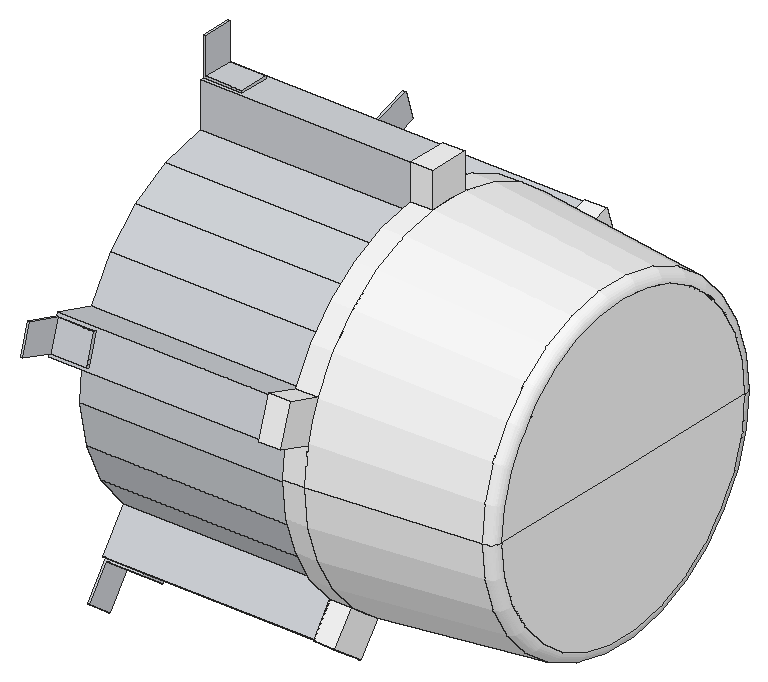
Revit family "250C", category Pipe Accessories, Revit 2021
Family settings
  Round Connector Dimension = Use Diameter
  Part Type = Breaks Into
  Work Plane-Based = No
  Always vertical = No
  Cut with Voids When Loaded = No
  Shared = No
Parameters
  URL = "http://www.snapcollars.com"
  Model = "250C"
  Manufacturer = "Snap Fire Systems"
  Description = "The 250C is a metal, cast-in fire collar for concrete slabs (See installation instructions for details)."
  Default Elevation = 0 mm
Reference planes
  plane 1 "Center (Front/Back)": y = 0
  plane 2: z = 0
  plane 3 "Center (Left/Right)": x = -209.633
  plane 4: x = -230
  plane 5: x = -203.768
  plane 6: y = 90.593
  plane 7: y = -50
  plane 8: y = 100.593
  plane 9: y = -60
  plane 10: x = -217.944
  plane 11: x = -79.975
  plane 12: y = 90.593
  plane 13: y = -50
  plane 14: y = 100.593
  plane 15: y = -60
  plane 16: x = -79.975
  plane 17: y = 0
Forms (mm)
  Revolve 1, solid, material "PVC-White", detail levels medium+fine
    sketch origin (0, 0, 0) x (1, 0, 0) y (0, 1, 0)
      loop
        line (-54.827, 0) -> (-212.327, 0) -> (-212.327, -144) -> (-194.827, -144) -> (-63.847, -130.626)
        arc (-63.847, -130.626) -> (-57.469, -127.985) -> (-54.827, -121.607) r 9.02
        line (-54.827, -121.607) -> (-54.827, 0)
      axis (-212.327, 0) -> (-54.827, 0)
    angle from 0 to 360
  Extrusion 2, solid, material "PVC-White", not visible, detail levels fine
    sketch origin (0, 0, 0) x (1, 0, 0) y (0, 0, 1)
      loop
        line (-80, 60.418) -> (-227.967, 86.048) -> (-227.967, 69.12) -> (-80, 60.418)
    from -1.5 to 1.5
  Extrusion 3, solid, material "PVC-White", not visible, detail levels fine
    sketch origin (0, 0, 0) x (1, 0, 0) y (0, -0.5, 0.866025)
      loop
        line (-80, 60.418) -> (-227.967, 86.048) -> (-227.967, 69.12) -> (-80, 60.418)
    from -1.5 to 1.5
  Extrusion 4, solid, material "PVC-White", not visible, detail levels fine
    sketch origin (0, 0, 0) x (1, 0, 0) y (0, -0.866025, 0.5)
      loop
        line (-80, 60.418) -> (-227.967, 86.048) -> (-227.967, 69.12) -> (-80, 60.418)
    from -1.5 to 1.5
  Extrusion 5, solid, material "PVC-White", not visible, detail levels fine
    sketch origin (0, 0, 0) x (0, -1, 0) y (-1, 0, 0)
      loop
        line (60.418, 80) -> (86.048, 227.967) -> (69.12, 227.967) -> (60.418, 80)
    from -1.5 to 1.5
  Extrusion 6, solid, material "PVC-White", not visible, detail levels fine
    sketch origin (0, 0, 0) x (1, 0, 0) y (0, -0.866025, -0.5)
      loop
        line (-80, 60.418) -> (-227.967, 86.048) -> (-227.967, 69.12) -> (-80, 60.418)
    from -1.5 to 1.5
  Extrusion 7, solid, material "PVC-White", not visible, detail levels fine
    sketch origin (0, 0, 0) x (1, 0, 0) y (0, -0.5, -0.866025)
      loop
        line (-80, 60.418) -> (-227.967, 86.048) -> (-227.967, 69.12) -> (-80, 60.418)
    from -1.5 to 1.5
  Extrusion 8, solid, material "PVC-White", not visible, detail levels fine
    sketch origin (0, 0, 0) x (1, 0, 0) y (0, 0, -1)
      loop
        line (-80, 60.418) -> (-227.967, 86.048) -> (-227.967, 69.12) -> (-80, 60.418)
    from -1.5 to 1.5
  Extrusion 9, solid, material "PVC-White", not visible, detail levels fine
    sketch origin (0, 0, 0) x (1, 0, 0) y (0, 0.5, -0.866025)
      loop
        line (-80, 60.418) -> (-227.967, 86.048) -> (-227.967, 69.12) -> (-80, 60.418)
    from -1.5 to 1.5
  Extrusion 10, solid, material "PVC-White", not visible, detail levels fine
    sketch origin (0, 0, 0) x (1, 0, 0) y (0, 0.866025, -0.5)
      loop
        line (-80, 60.418) -> (-227.967, 86.048) -> (-227.967, 69.12) -> (-80, 60.418)
    from -1.5 to 1.5
  Extrusion 11, solid, material "PVC-White", not visible, detail levels fine
    sketch origin (0, 0, 0) x (1, 0, 0) y (0, 1, 0)
      loop
        line (-80, 60.418) -> (-227.967, 86.048) -> (-227.967, 69.12) -> (-80, 60.418)
    from -1.5 to 1.5
  Extrusion 12, solid, material "PVC-White", not visible, detail levels fine
    sketch origin (0, 0, 0) x (1, 0, 0) y (0, 0.866025, 0.5)
      loop
        line (-80, 60.418) -> (-227.967, 86.048) -> (-227.967, 69.12) -> (-80, 60.418)
    from -1.5 to 1.5
  Extrusion 13, solid, material "PVC-White", not visible, detail levels fine
    sketch origin (0, 0, 0) x (1, 0, 0) y (0, 0.5, 0.866025)
      loop
        line (-80, 60.418) -> (-227.967, 86.048) -> (-227.967, 69.12) -> (-80, 60.418)
    from -1.5 to 1.5
  Extrusion 14, solid, material "PVC-White", not visible, detail levels medium+fine
    sketch origin (0, 0, 0) x (1, 0, 0) y (0, 0, 1)
      loop
        line (-312.827, 134.469) -> (-194.827, 134.469) -> (-194.827, 168.169) -> (-312.827, 168.169) -> (-312.827, 134.469)
    from -12 to 12
  Extrusion 15, solid
    sketch origin (-212.327, 0, 0) x (0, 0, -1) y (0, -1, 0)
      loop
        line (-134.98, -15) -> (-126.02, -49.895) -> (-109.653, -79.667) -> (-86.395, -104.434) -> (-55.977, -123.738) -> (-66.944, -157.491) -> (-38.412, -166.761) -> (-27.445, -133.008) -> (8.511, -135.271) -> (41.884, -128.904) -> (72.625, -114.439) -> (100.384, -91.474) -> (129.096, -112.335) -> (146.729, -88.064) -> (118.018, -67.204) -> (131.28, -33.707) -> (135.538, 0) -> (131.28, 33.707) -> (118.018, 67.204) -> (146.729, 88.064) -> (129.096, 112.335) -> (100.384, 91.474) -> (72.625, 114.439) -> (41.884, 128.904) -> (8.511, 135.271) -> (-27.445, 133.008) -> (-38.412, 166.761) -> (-66.944, 157.491) -> (-55.977, 123.738) -> (-86.395, 104.434) -> (-109.653, 79.667) -> (-126.02, 49.895) -> (-134.98, 15) -> (-170.469, 15) -> (-170.469, -15) -> (-134.98, -15)
    from 0 to 169.422
  Extrusion 16, solid, material "PVC-White", detail levels medium+fine
    sketch origin (-212.327, 0, 0) x (0, 0, 1) y (0, -1, 0)
      loop
        line (123.558, 16) -> (123.558, -16) -> (171.469, -16) -> (171.469, 16) -> (123.558, 16)
    from 0 to 17.5
  Extrusion 17, solid, material "PVC-White", not visible
    sketch origin (-212.327, 0, 0) x (0, 0, 1) y (0, -1, 0)
      loop
        line (114.72, 16) -> (114.72, -16) -> (171.469, -16) -> (171.469, 16) -> (114.72, 16)
    from 0 to 17.5
  Extrusion 18, solid, material "PVC-White", not visible
    sketch origin (-212.327, 0, 0) x (0, 0, 1) y (0, -1, 0)
      loop
        line (114.72, 16) -> (114.72, -16) -> (171.469, -16) -> (171.469, 16) -> (114.72, 16)
    from 0 to 17.5
  Extrusion 19, solid, material "PVC-White", not visible
    sketch origin (-212.327, 0, 0) x (0, 0.951057, 0.309017) y (0, -0.309017, 0.951057)
      loop
        line (114.72, 16) -> (114.72, -16) -> (171.469, -16) -> (171.469, 16) -> (114.72, 16)
    from 0 to 17.5
  Extrusion 20, solid, material "PVC-White", not visible
    sketch origin (-212.327, 0, 0) x (0, 0.587785, -0.809017) y (0, 0.809017, 0.587785)
      loop
        line (114.72, 16) -> (114.72, -16) -> (171.469, -16) -> (171.469, 16) -> (114.72, 16)
    from 0 to 17.5
  Extrusion 21, solid, material "PVC-White", not visible
    sketch origin (-212.327, 0, 0) x (0, -0.587785, -0.809017) y (0, 0.809017, -0.587785)
      loop
        line (114.72, 16) -> (114.72, -16) -> (171.469, -16) -> (171.469, 16) -> (114.72, 16)
    from 0 to 17.5
  Extrusion 22, solid, material "PVC-White", not visible
    sketch origin (-212.327, 0, 0) x (0, -0.951057, 0.309017) y (0, -0.309017, -0.951057)
      loop
        line (114.72, 16) -> (114.72, -16) -> (171.469, -16) -> (171.469, 16) -> (114.72, 16)
    from 0 to 17.5
  Revolve 23, solid, material "PVC-White", not visible, detail levels medium+fine
    sketch origin (0, 0, 0) x (1, 0, 0) y (0, 1, 0)
      loop
        line (-84.827, 0) -> (-212.327, 0) -> (-212.327, -116.5) -> (-212.327, -134.5) -> (-194.827, -134.5) -> (-194.827, -116.5) -> (-90.676, -111.3)
        arc (-90.676, -111.3) -> (-86.523, -109.395) -> (-84.827, -105.152) r 6.156
        line (-84.827, -105.152) -> (-84.827, 0)
      axis (-212.327, 0) -> (-84.827, 0)
    angle from 0 to 360
  Extrusion 24, solid, material "PVC-White", not visible
    sketch origin (-212.327, 0, 0) x (0, 0, 1) y (0, -1, 0)
      loop
        line (114.72, 16) -> (114.72, -16) -> (171.469, -16) -> (171.469, 16) -> (114.72, 16)
    from 0 to 17.5
  Extrusion 25, solid, material "PVC-White", not visible
    sketch origin (-212.327, 0, 0) x (0, 0.951057, 0.309017) y (0, -0.309017, 0.951057)
      loop
        line (114.72, 16) -> (114.72, -16) -> (171.469, -16) -> (171.469, 16) -> (114.72, 16)
    from 0 to 17.5
  Extrusion 26, solid, material "PVC-White", not visible
    sketch origin (-212.327, 0, 0) x (0, 0.587785, -0.809017) y (0, 0.809017, 0.587785)
      loop
        line (114.72, 16) -> (114.72, -16) -> (171.469, -16) -> (171.469, 16) -> (114.72, 16)
    from 0 to 17.5
  Extrusion 27, solid, material "PVC-White", not visible
    sketch origin (-212.327, 0, 0) x (0, -0.587785, -0.809017) y (0, 0.809017, -0.587785)
      loop
        line (114.72, 16) -> (114.72, -16) -> (171.469, -16) -> (171.469, 16) -> (114.72, 16)
    from 0 to 17.5
  Extrusion 28, solid, material "PVC-White", not visible
    sketch origin (-212.327, 0, 0) x (0, -0.951057, 0.309017) y (0, -0.309017, -0.951057)
      loop
        line (114.72, 16) -> (114.72, -16) -> (171.469, -16) -> (171.469, 16) -> (114.72, 16)
    from 0 to 17.5
  Extrusion 29, solid
    sketch origin (-45.822, 0, 0) x (0, 0, -1) y (-1, 0, 0)
      loop
        line (-170.469, 335.927) -> (-201.469, 335.927) -> (-201.469, 333.927) -> (-172.469, 333.927) -> (-172.469, 304.927) -> (-170.469, 304.927) -> (-170.469, 335.927)
    from -12 to 12
  Extrusion 30, solid, not visible
    sketch origin (0, 0, 0) x (0, 0, -1) y (-1, 0, 0)
      loop
        line (-170.469, 335.927) -> (-201.469, 335.927) -> (-201.469, 333.927) -> (-172.469, 333.927) -> (-172.469, 304.927) -> (-170.469, 304.927) -> (-170.469, 335.927)
    from -12 to 12
  Extrusion 31, solid
    sketch origin (-45.822, 0, 0) x (0, 0.951057, -0.309017) y (-1, 0, 0)
      loop
        line (-170.469, 335.927) -> (-201.469, 335.927) -> (-201.469, 333.927) -> (-172.469, 333.927) -> (-172.469, 304.927) -> (-170.469, 304.927) -> (-170.469, 335.927)
    from -12 to 12
  Extrusion 32, solid
    sketch origin (-45.822, 0, 0) x (0, 0.587785, 0.809017) y (-1, 0, 0)
      loop
        line (-170.469, 335.927) -> (-201.469, 335.927) -> (-201.469, 333.927) -> (-172.469, 333.927) -> (-172.469, 304.927) -> (-170.469, 304.927) -> (-170.469, 335.927)
    from -12 to 12
  Extrusion 33, solid
    sketch origin (-45.822, 0, 0) x (0, -0.587785, 0.809017) y (-1, 0, 0)
      loop
        line (-170.469, 335.927) -> (-201.469, 335.927) -> (-201.469, 333.927) -> (-172.469, 333.927) -> (-172.469, 304.927) -> (-170.469, 304.927) -> (-170.469, 335.927)
    from -12 to 12
  Extrusion 34, solid
    sketch origin (-45.822, 0, 0) x (0, -0.951057, -0.309017) y (-1, 0, 0)
      loop
        line (-170.469, 335.927) -> (-201.469, 335.927) -> (-201.469, 333.927) -> (-172.469, 333.927) -> (-172.469, 304.927) -> (-170.469, 304.927) -> (-170.469, 335.927)
    from -12 to 12
  Extrusion 35, solid, material "PVC-White", detail levels medium+fine
    sketch origin (-212.327, 0, 0) x (0, -0.951057, 0.309017) y (0, -0.309017, -0.951057)
      loop
        line (123.558, 16) -> (123.558, -16) -> (171.469, -16) -> (171.469, 16) -> (123.558, 16)
    from 0 to 17.5
  Extrusion 36, solid, material "PVC-White", detail levels medium+fine
    sketch origin (-212.327, 0, 0) x (0, -0.587785, -0.809017) y (0, 0.809017, -0.587785)
      loop
        line (123.558, 16) -> (123.558, -16) -> (171.469, -16) -> (171.469, 16) -> (123.558, 16)
    from 0 to 17.5
  Extrusion 37, solid, material "PVC-White", detail levels medium+fine
    sketch origin (-212.327, 0, 0) x (0, 0.587785, -0.809017) y (0, 0.809017, 0.587785)
      loop
        line (123.558, 16) -> (123.558, -16) -> (171.469, -16) -> (171.469, 16) -> (123.558, 16)
    from 0 to 17.5
  Extrusion 38, solid, material "PVC-White", detail levels medium+fine
    sketch origin (-212.327, 0, 0) x (0, 0.951057, 0.309017) y (0, -0.309017, 0.951057)
      loop
        line (123.558, 16) -> (123.558, -16) -> (171.469, -16) -> (171.469, 16) -> (123.558, 16)
    from 0 to 17.5
Cuts and joins
  joined: Revolve 1, Extrusion 16, Extrusion 35, Extrusion 36, Extrusion 37, Extrusion 38
Lines and regions (mm)
  model lines
    curve 1: line (-194.827, 0, 134.469) -> (-194.827, 0, -140.728)
    curve 2: line (-194.827, -134.5, 0) -> (-194.827, 158.095, 0)
Dimensions and locks
  Extrusion 2 sketch curve to Extrusion 2 sketch curve = 0 mm
  Extrusion 3 sketch curve to Extrusion 3 sketch curve = 0 mm
  Extrusion 4 sketch curve to Extrusion 4 sketch curve = 0 mm
  Extrusion 5 sketch curve to Extrusion 5 sketch curve = 0 mm
  Extrusion 6 sketch curve to Extrusion 6 sketch curve = 0 mm
  Extrusion 7 sketch curve to Extrusion 7 sketch curve = 0 mm
  Extrusion 8 sketch curve to Extrusion 8 sketch curve = 0 mm
  Extrusion 9 sketch curve to Extrusion 9 sketch curve = 0 mm
  Extrusion 10 sketch curve to Extrusion 10 sketch curve = 0 mm
  Extrusion 11 sketch curve to Extrusion 11 sketch curve = 0 mm
  Extrusion 12 sketch curve to Extrusion 12 sketch curve = 0 mm
  Extrusion 13 sketch curve to Extrusion 13 sketch curve = 0 mm
  aligned and locked: level to plane 2
Connectors
  piping at (-217.944, 0, 0), diameter 250
    settings: on plane 10, index 4, connector inside diameter 609.6 mm, connector length 0 mm, flow factor 0, pipe flow 0.0 L/s, pressure drop 0.0 Pa, fitting loss kfactor 0, connector angle 0.00°, fixture units 0, engagement length 0 mm, angle of deflection 0.00°, flow configuration 0, flow direction 0, fitting loss method 0, system type 7, joint type 0, gender type 0, connector reference index -1, connector utility 0, adjustable connector no, is connector primary yes, connector description ""
  piping at (-203.768, 0, 0), diameter 250
    settings: on plane 5, index 5, connector inside diameter 609.6 mm, connector length 0 mm, flow factor 0, pipe flow 0.0 L/s, pressure drop 0.0 Pa, fitting loss kfactor 0, connector angle 0.00°, fixture units 0, engagement length 0 mm, angle of deflection 0.00°, flow configuration 0, flow direction 0, fitting loss method 0, system type 7, joint type 0, gender type 0, connector reference index -1, connector utility 0, adjustable connector no, is connector primary no, connector description ""
